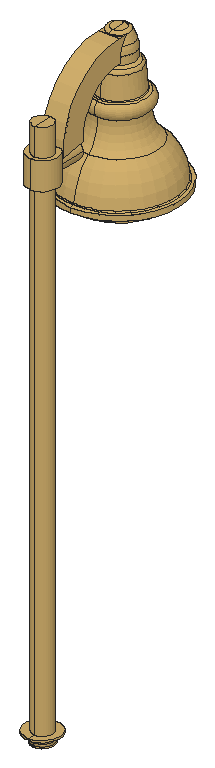
Revit family "KLV167", category Lighting Fixtures, Revit 2021
Family settings
  Round Connector Dimension = Use Diameter
  Part Type = Normal
  OmniClass Number = 23.80.70.14.21
  OmniClass Title = Street and Roadway Lighting
  Work Plane-Based = No
  Always vertical = Yes
  Cut with Voids When Loaded = No
  Light Source = Yes
  Shared = No
  Room Calculation Point = No
Parameters (values of type "KLV167")
  Wattage Comments = "12W"  # constant formula
  Wattage = 12 W
  built-in parameter 1150110 = 1 (stored number, unit not read)
  Voltage = 120 V
  URL = "https://www.currentlighting.com/kimlighting"
  Type Comments = "Lighting Fixture"  # constant formula
  built-in parameter 1114217 = 1 (stored number, unit not read)
  Tilt Angle = 90.00°
  built-in parameter 1150109 = 1 (stored number, unit not read)
  built-in parameter 1150134 = 3
  built-in parameter 1150113 = 1 (stored number, unit not read)
  Series = "Bell Accent/Path/Wall Lighting"  # constant formula
  Product Page URL = ""
  Product Documentation Link = ""
  Power Factor = 0.9  # constant formula
  Pole Height = Mount Height - 16 1/2"  # 29"
  Pole Finish = Metal-Aluminum Alloy
  Photometric Web File = "an52-9l3k.ies"
  Photometric Notes = "More IES files download on Photometric Web Link"  # constant formula
  OmniClass Title = "Street and Roadway Lighting"  # constant formula
  OmniClass Number = "23-80 70 14 21"  # constant formula
  Number of Poles = 1
  Mount Height = 45 1/2"
  Model = "Bell"  # constant formula
  MasterFormat Title = "Parking Lighting, Roadway Lighting, Site Lighting"  # constant formula
  Manufacturer = "Kim Lighting"  # constant formula
  built-in parameter 1150105 = 954.93 (stored number, unit not read)
  Lumens = 12000 lm
  built-in parameter 1150115 = 1 (stored number, unit not read)
  Load Classification = Lighting
  built-in parameter 1150137 = (empty or 0)
  built-in parameter 1150139 = (empty or 0)
  built-in parameter 1150112 = 1 (stored number, unit not read)
  built-in parameter 1150114 = 1 (stored number, unit not read)
  Lamp = "LED"  # constant formula
  Inside Material = Metal-Aluminum-Reflective
  built-in parameter 1150132 = (empty or 0)
  built-in parameter 1150102 = (empty or 0)
  built-in parameter 1150107 = 3200 (stored number, unit not read)
  built-in parameter 1150138 = (empty or 0)
  built-in parameter 1150106 = 9.5493 (stored number, unit not read)
  Housing Material = Metal-Brass
  Glass Material = Glass-Clear
  Finish = "All colors shall be a Super TGIC powder coat paint. Optional white (WH) and custom colors available."
  Emit from Circle Diameter = 5"  # constant formula
  Emit Shape Visible in Rendering = no
  built-in parameter 1150104 = 92.903 (stored number, unit not read)
  Dimming Lamp Color Temperature Shift = <None>
  Description = "Site/Roadway Luminaire"  # constant formula
  Default Elevation = 0"
  Color Filter = 16777215
  built-in parameter 1114218 = 1 (stored number, unit not read)
  built-in parameter 1150133 = 10 (stored number, unit not read)
  Assembly Code = "D5020200"
  Arm Material = Metal-Aluminum Alloy
  Apparent Load = 0 VA
  Height = 22"
Reference planes (in)
  plane 1 "Center (Front/Back)": y = 0
  plane 2: z = 29
  plane 3 "Center (Left/Right)": x = -1.40174
  plane 4: x = 2.59826
  plane 5: x = -5.40174
  plane 6: x = 11.09826
  plane 7: x = -13.90174
  plane 8: x = 3.59826
  plane 9: x = -6.40174
  plane 10: x = 4.34826
  plane 11: x = -7.15174
  plane 12: z = 0
  plane 13: y = 7.36328
  plane 14: z = 21.5
  plane 15: y = 1.86328
Forms (in)
  Revolve 1, solid, material "Metal-Brass" <- "Housing Material"
    sketch origin (-1.40174, 0, 0) x (0, 1, 0) y (0, 0, 1)
      loop
        line (4.61328, 21.62676) -> (4.61328, 27.81771) -> (4.61328, 29) -> (4.23357, 29)
        arc (4.23357, 29) -> (4.13504, 28.96893) -> (4.07214, 28.88697) r 0.17179
        line (4.07214, 28.88697) -> (3.92563, 28.48445)
        arc (3.92563, 28.48445) -> (3.87412, 28.29217) -> (3.85677, 28.09387) r 1.14196
        line (3.85677, 28.09387) -> (3.85677, 27.70949) -> (3.6932, 27.59496)
        arc (3.6932, 27.59496) -> (3.62374, 27.51849) -> (3.59396, 27.41956) r 0.23406
        line (3.59396, 27.41956) -> (3.51938, 26.35304)
        arc (3.51938, 26.35304) -> (3.49905, 26.31541) -> (3.45734, 26.3059) r 0.0518
        arc (3.45734, 26.3059) -> (3.38929, 26.30716) -> (3.32529, 26.28397) r 0.187
        arc (3.32529, 26.28397) -> (3.13659, 25.95447) -> (3.32529, 25.62497) r 0.38203
        arc (3.32529, 25.62497) -> (3.25412, 24.85274) -> (2.81226, 24.21543) r 1.52453
        arc (2.81226, 24.21543) -> (2.18956, 23.43071) -> (1.90739, 22.4695) r 2.61654
        arc (1.90739, 22.4695) -> (1.89501, 22.44168) -> (1.86829, 22.42707) r 0.04757
        line (1.86829, 22.42707) -> (1.71433, 22.39992) -> (1.71433, 22.14992) -> (1.98645, 22.14992)
        arc (1.98645, 22.14992) -> (2.02952, 22.13208) -> (2.04736, 22.08901) r 0.06091
        line (2.04736, 22.08901) -> (2.04736, 22.01035)
        arc (2.04736, 22.01035) -> (2.05616, 21.98911) -> (2.07739, 21.98031) r 0.03003
        line (2.07739, 21.98031) -> (2.15301, 21.98031)
        arc (2.15301, 21.98031) -> (2.40301, 21.87676) -> (2.50656, 21.62676) r 0.35355
        line (2.50656, 21.62676) -> (4.61328, 21.62676)
      axis (4.61328, 29) -> (4.61328, 21.62676)
    angle from 0 to 360
  Extrusion 2, solid, material "Metal-Brass" <- "Housing Material"
    sketch origin (-1.40174, 0, 0) x (0, 1, 0) y (0, 0, 1)
      loop
        line (0.64946, 25.17415) -> (1.79581, 25.37629)
        arc (1.79581, 25.37629) -> (2.44127, 27.08888) -> (4.12452, 27.80741) r 2.33086
        line (4.12452, 27.80741) -> (4.39959, 27.80741) -> (4.39959, 28.875) -> (4.02459, 28.875)
        arc (4.02459, 28.875) -> (1.52021, 27.76951) -> (0.64946, 25.17415) r 3.38946
    from -0.51895 to 0.50237
  Revolve 3, solid, material "Metal-Brass" <- "Housing Material"
    sketch origin (-1.40174, 0, 0) x (0, 1, 0) y (0, 0, 1)
      loop
        line (0, 26.875) -> (-0.4749, 26.875) -> (-0.4749, 25.5625) -> (-0.7249, 25.5625) -> (-0.7249, 24.25) -> (-0.4749, 24.25) -> (-0.4749, 0.5) -> (-0.84322, 0.5) -> (-0.84322, 0.4197) -> (-0.4749, 0.4197)
        arc (-0.4749, 0.4197) -> (-0.53551, 0.35908) -> (-0.4749, 0.29847) r 0.06061
        arc (-0.4749, 0.29847) -> (-0.53449, 0.23888) -> (-0.4749, 0.17928) r 0.05959
        arc (-0.4749, 0.17928) -> (-0.53551, 0.11867) -> (-0.4749, 0.05806) r 0.06061
        arc (-0.4749, 0.05806) -> (-0.51649, 0.04114) -> (-0.53447, 0) r 0.05959
        line (-0.53447, 0) -> (0, 0) -> (0, 26.875)
      axis (0, 26.875) -> (0, 0)
    angle from 0 to 360
  Extrusion 4, solid, material "Metal-Brass" <- "Housing Material"
    sketch origin (0, 0, 0) x (1, 0, 0) y (0, 0, 1)
      loop
        circle (-1.40174, 24.93242) r 0.49941
    from -1.80078 to -0.37962
Cuts and joins
  joined: Revolve 3, Extrusion 4
Dimensions and locks (in)
  equal spacing: plane 7, plane 3 "Center (Left/Right)", plane 6, locked at 12.5 each
  locked: plane 7 to plane 6 at 25
  equal spacing: plane 11, plane 3 "Center (Left/Right)", plane 10, locked at 5.75 each
  equal spacing: plane 9, plane 3 "Center (Left/Right)", plane 8, locked at 5 each
  equal spacing: plane 5, plane 3 "Center (Left/Right)", plane 4, locked at 4 each
  plane 2 to plane 12 = 29"
  plane 13 to plane 15 = 5 1/2"
  plane 2 to plane 14 = 7 1/2"
  plane 13 to plane 1 "Center (Front/Back)" = 7 93/256"
  aligned and locked: plane 3 "Center (Left/Right)" to nested 1
  aligned and locked: plane 3 "Center (Left/Right)" to imposter light
Automatic sketch dimensions
  Extrusion 2 sketch curve to plane 2 = 1/8"
  Extrusion 2 sketch curve to plane 1 "Center (Front/Back)" = 0.64946"
  Extrusion 2 sketch curve to plane 15 = 2.16131"
  Extrusion 2 sketch curve to Extrusion 2 sketch curve = 0.09993"
  Extrusion 2 sketch curve to Extrusion 2 sketch curve = 0.27507"
  Extrusion 2 sketch curve to Extrusion 2 sketch curve = 1.06759"
  Extrusion 2 sketch curve to Extrusion 2 sketch curve = 0.00899"
  Revolve 3 sketch curve to level = 0"
  Revolve 3 sketch curve to plane 1 "Center (Front/Back)" = 0"  (x2)
  plane 1 "Center (Front/Back)" to Revolve 3 sketch curve = 0.4749"  (x2)
  Revolve 3 sketch curve to Revolve 3 sketch curve = 0"  (x4)
  Revolve 3 sketch curve to Revolve 3 sketch curve = 1/4"
  Revolve 3 sketch curve to Revolve 3 sketch curve = 0.36832"
  level to Revolve 3 sketch curve = 0.11867"
  Revolve 3 sketch curve to Revolve 3 sketch curve = 0.12021"  (x2)
  Revolve 3 sketch curve to Revolve 3 sketch curve = 0.06061"
  Revolve 3 sketch curve to Revolve 3 sketch curve = 0.0803"
  plane 14 to Revolve 3 sketch curve = 2 3/4"
  Revolve 3 sketch curve to Revolve 3 sketch curve = 1 5/16"  (x2)
  Revolve 3 sketch curve to Revolve 3 sketch curve = 0.05958"
  Revolve 3 sketch curve to Revolve 3 sketch curve = 0.00154"
  Revolve 3 sketch curve to plane 14 = 2 1/4"
  Revolve 3 sketch curve to Revolve 3 sketch curve = 1/8"
  Revolve 1 sketch curve to plane 2 = 0"
  Revolve 1 sketch curve to plane 14 = 0"
  plane 15 to Revolve 1 sketch curve = 0.14895"
  plane 15 to Revolve 1 sketch curve = 0.04175"
  plane 15 to Revolve 1 sketch curve = 0.00325"
  Revolve 1 sketch curve to plane 15 = 0.00501"
  Revolve 1 sketch curve to plane 15 = 0.12317"
  Revolve 1 sketch curve to Revolve 1 sketch curve = 0.06091"
  Revolve 1 sketch curve to Revolve 1 sketch curve = 0.03003"
  Revolve 1 sketch curve to Revolve 1 sketch curve = 0.07562"
  plane 14 to Revolve 1 sketch curve = 0.12676"
  Revolve 1 sketch curve to Revolve 1 sketch curve = 0.35355"
  Revolve 1 sketch curve to plane 15 = 1.55664"
  Revolve 1 sketch curve to Revolve 1 sketch curve = 0.04779"
  Revolve 1 sketch curve to Revolve 1 sketch curve = 0.0987"
  Revolve 1 sketch curve to Revolve 1 sketch curve = 0.05168"
  Revolve 1 sketch curve to Revolve 1 sketch curve = 0.07458"
  Revolve 1 sketch curve to plane 2 = 1.40504"
  Revolve 1 sketch curve to Revolve 1 sketch curve = 0.09924"
  Revolve 1 sketch curve to Revolve 1 sketch curve = 0.23349"
  Revolve 1 sketch curve to Revolve 1 sketch curve = 0.16357"
  Revolve 1 sketch curve to plane 2 = 0.51555"
  Revolve 1 sketch curve to Revolve 1 sketch curve = 0.06887"
  Revolve 1 sketch curve to plane 2 = 0.11303"
  Revolve 1 sketch curve to Revolve 1 sketch curve = 0.14651"
  Revolve 1 sketch curve to Revolve 1 sketch curve = 0.16143"
  plane 14 to Revolve 1 sketch curve = 0.72672"
  Revolve 1 sketch curve to Revolve 1 sketch curve = 2.00608"
  Revolve 1 sketch curve to Revolve 1 sketch curve = 0.37971"
  Revolve 1 sketch curve to Revolve 1 sketch curve = 0.07867"
  Revolve 1 sketch curve to Revolve 1 sketch curve = 1/4"
  Revolve 1 sketch curve to Revolve 1 sketch curve = 0.02715"
  Revolve 1 sketch curve to Revolve 1 sketch curve = 0.04684"
  Revolve 1 sketch curve to Revolve 1 sketch curve = 2.90025"
  Revolve 1 sketch curve to Revolve 1 sketch curve = 1.64049"
  Revolve 1 sketch curve to Revolve 1 sketch curve = 0.16822"
  Revolve 1 sketch curve to Revolve 1 sketch curve = 0.23035"
  Revolve 1 sketch curve to Revolve 1 sketch curve = 0.00361"
  Revolve 1 sketch curve to Revolve 1 sketch curve = 0.19173"
  Revolve 1 sketch curve to Revolve 1 sketch curve = 0.11453"
  Revolve 1 sketch curve to Revolve 1 sketch curve = 0"  (x2)
  Revolve 1 sketch curve to Revolve 1 sketch curve = 0.13205"
  Revolve 1 sketch curve to Revolve 1 sketch curve = 0.19333"
  plane 13 to Revolve 1 sketch curve = 2 3/4"
  Revolve 1 sketch curve to Revolve 1 sketch curve = 10"
  Revolve 1 sketch curve to Revolve 1 sketch curve = 0.38544"
  Revolve 1 sketch curve to Revolve 1 sketch curve = 0.27616"
  Extrusion 4 sketch curve to plane 3 "Center (Left/Right)" = 0"
  plane 14 to Extrusion 4 sketch curve = 3.43242"
  plane 15 to Extrusion 2 sketch curve = 0.06747"
  Extrusion 2 sketch curve to Extrusion 2 sketch curve = 0.20213"
  radius of Extrusion 4 sketch curve = 0.49941"
Nested families (in)
  nested 1: "Notation" at (-1.40174, 8.53943, 0), type "Notation"
Connectors (in)
  electrical at (-1.40174, 0, 0.5)
    settings: on cut or joined group of Revolve 3, Extrusion 4, index 1, voltage 120 V, apparent load 12 VA, apparent load phase1 0 VA, apparent load phase2 0 VA, apparent load phase3 0 VA, power factor 1, load classification "Other", number of poles 1, system type 30, power factor state 1, is connector primary yes, connector utility no, sub classification motor no, connector description "Lighting Connector"
Definition of nested family "Notation"
  Parameters
    Notation = "LF"
  Reference planes (in)
    plane 1: y = 0
    plane 2: x = 0
  Text (in)
    label "Notation" at (0.02149, 0.07192, 0), shows "Notation"
